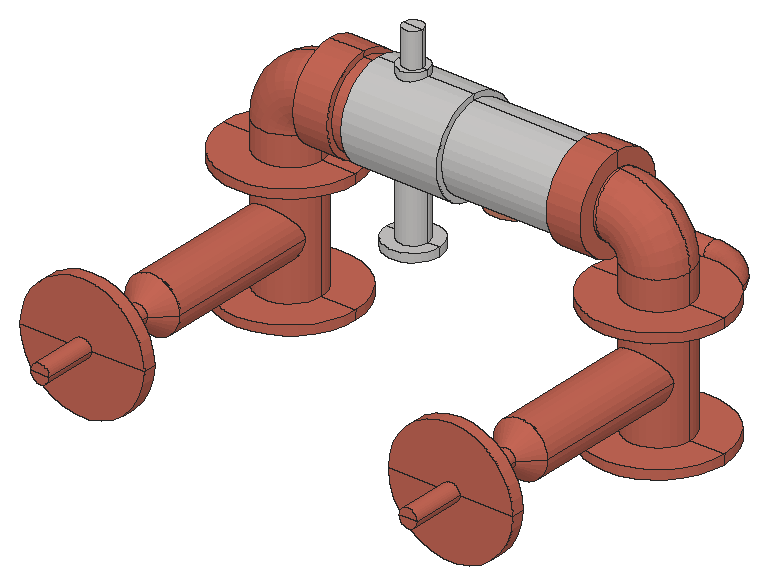
Revit family "xReduced_Pressure_Zone_Assemblies-Backflow_Prevention-WATTS-957NRPDA_Series", category Pipe Accessories, Revit 2014
Parameters (values of type "957NRPDA-OSY - 3"")
  Width = 30 1/4"
  Waste Connection = no
  Warranty Information = "1 Year (Limited)"
  Vent Connection = no
  URL = "http://www.watts.com/"
  Shipping Weight = 175.00 lbf
  Region = "North America"  # constant formula
  RV_Dist = 6 11/16"
  Product Page URL = "http://www.watts.com/pages/_products_details.asp?pid=894"
  Product Documentation Link = "http://media.wattswater.com/ES-957RPDA_957NRPDA_957ZRPDA.pdf"
  Price = "Prices may vary. Please consult Manufacturer Representative for most up-to-date price list."  # constant formula
  Pipe Thickness = Nominal Radius + 13/32"  # 1 29/32"
  Nominal Radius 2 = 2 1/2"
  Nominal Radius = 1 1/2"
  Nominal Radius 3 = 3/4"
  Nominal Height = 6 11/16"
  Nominal Dist = 7 1/4"
  Model = "957NRPDA"  # constant formula
  Max. Working Pressure = "175psi (12.1 bar)\r"  # constant formula
  Material = "Metal-WATTS-304 Series-Stainless Steel"  # constant formula
  Manufacturer = "WATTS"
  Height = 17 1/8"
  HW Connection = yes
  GV_Inlet_To_GV_Outlet = 22 1/4"
  GV_Handle_Rad = 3 3/4"
  GV_Handle_Height = 18 7/8"
  GV_Arc_Connection = Nominal Radius + 3/4"  # 2 1/4"
  Flange = 8"
  Description = "Series 957RPDA, 957NRPDDA, 957ZRPDA Reduced Pressure Detector Assemblies prevent the reverse flow of fire protection system substances from being pumped or siphoned into the potable water supply.  The 957RPDA incorporates a meter to detect ground leaks and unauthorized illegal taps, greatly reducing annual water expenses.  It consists of a compact, stainless steel body with stainless steel internal parts, two check valves, a pressure-differential relief valve, shutoff valves, torsion spring checks and relief valve, and bronze, nickel-plated test cocks.  Series 957RPDA, 957NRPDDA, 957ZRPDA is 70% lighter than traditional designs and is ideal for health hazard cross-connection, such as on fire sprinkler systems.  Check with local water authorities for installation requirements.  Maximum Working Pressure: 175psi (12.06 bar)."  # constant formula
  Creation Date = "14/02/2014"  # constant formula
  Country = "United States"  # constant formula
  Connection Type = "Flanged Connection"  # constant formula
  Connection Size = Connection Radius * 2  # 3"
  Connection Radius = 1 1/2"
  Connection Outlet Description = "3\" Connection Outlet"
  Connection Inlet Description = "3\" Connection Inlet"
  CW Connection = yes
  BP_Dist = 9 3/16"
  Assembly Code = ""
Types (6): name | Width | Shipping Weight | RV_Dist | Pipe Thickness | Nominal Radius | Nominal Radius 3 | Nominal Height | Nominal Dist | Height | GV_Inlet_To_GV_Outlet | GV_Handle_Rad | GV_Handle_Height | GV_Arc_Connection | Connection Size | Connection Radius | Connection Outlet Description | Connection Inlet Description | BP_Dist
  957NRPDA-OSY - 2.5" | 29 1/16" | 150.00 lbf | 6 1/2" | 1 21/32" | 1 1/4" | 0.84094" | 6 1/2" | 6 1/4" | 16 3/8" | 21 1/2" | 3 17/32" | 9 3/8" | 2" | 2 1/2" | 1 1/4" | "2.5\" Connection Outlet" | "2.5\" Connection Inlet" | 8 13/16"
  957NRPDA-OSY - 10" | 66" | 964.00 lbf | 11 3/16" | 5 13/32" | 5" | 3/4" | 11 3/16" | 12" | 32 1/2" | 49 1/2" | 8" | 45 3/4" | 5 3/4" | 10" | 5" | "10\" Connection Outlet" | "10\" Connection Inlet" | 17 5/16"
  957NRPDA-OSY - 3" | 30 1/4" | 175.00 lbf | 6 11/16" | 1 29/32" | 1 1/2" | 3/4" | 6 11/16" | 7 1/4" | 17 1/8" | 22 1/4" | 3 3/4" | 18 7/8" | 2 1/4" | 3" | 1 1/2" | "3\" Connection Outlet" | "3\" Connection Inlet" | 9 3/16"
  957NRPDA-OSY - 4" | 33" | 201.00 lbf | 7" | 2 13/32" | 2" | 3/4" | 7" | 7 7/8" | 18 1/2" | 23 1/2" | 4 1/2" | 22 3/4" | 2 3/4" | 4" | 2" | "4\" Connection Outlet" | "4\" Connection Inlet" | 9 15/16"
  957NRPDA-OSY - 6" | 44 3/4" | 353.00 lbf | 8 1/2" | 3 13/32" | 3" | 3/4" | 8 1/2" | 9 1/2" | 23 13/16" | 33 1/4" | 5 1/2" | 30 1/8" | 3 3/4" | 6" | 3" | "6\" Connection Outlet" | "6\" Connection Inlet" | 13 1/16"
  957NRPDA-OSY - 8" | 54 1/8" | 572.00 lbf | 9 11/16" | 4 13/32" | 4" | 3/4" | 9 11/16" | 10 3/4" | 27 7/16" | 40 1/8" | 6 3/4" | 37 3/4" | 4 3/4" | 8" | 4" | "8\" Connection Outlet" | "8\" Connection Inlet" | 15 11/16"
Reference planes
  plane 1 "Center (Front/Back)": y = 0
  plane 2: z = 0
  plane 3 "Center (Left/Right)": x = 0
  plane 4: x = -282.575
  plane 5: x = 282.575
  plane 6: x = -384.175
  plane 7: x = 384.175
  plane 8: x = -320.675
  plane 9: x = -194.691
  plane 10: x = 194.691
  plane 11: z = -302.371
  plane 12: z = -201.565
  plane 13: x = 320.675
  plane 14: z = -100.759
  plane 15: z = 132.604
  plane 16: x = -223.901
  plane 17: x = -171.831
  plane 18: x = -149.733
  plane 19: x = 223.901
  plane 20: x = 171.831
  plane 21: z = -1128.787
  plane 22: z = -1103.514
  plane 23: z = -1095.005
  plane 24: z = 63.373
  plane 25: z = 71.882
  plane 26: z = 38.1
  plane 27: x = -234.156
  plane 28: x = 234.156
  plane 29: y = -479.425
  plane 30: y = -398.145
  plane 31: y = -379.095
  plane 32: y = -258.445
  plane 33: y = -291.465
  plane 34: x = 377.825
  plane 35: y = -479.425
  plane 36: y = -398.145
  plane 37: y = -379.095
  plane 38: y = -258.445
  plane 39: y = -291.465
  plane 40: x = -377.825
  plane 41: y = 133.35
  plane 42: z = -169.863
  plane 43: y = 63.373
  plane 44: y = 71.882
  plane 45: y = 281.178
  plane 46: y = 255.778
  plane 47: x = -207.391
  plane 48: x = -181.991
  plane 49: x = 207.391
  plane 50: x = 181.991
  plane 51: y = 48.419
  plane 52: y = -48.419
  plane 53: y = -63.373
  plane 54: y = -71.882
  plane 55: z = 12.7
  plane 56: z = -12.7
  plane 57: y = 95.25
  plane 58: y = -95.25
  plane 59: z = 71.882
  plane 60: z = 63.373
  plane 61: z = 48.419
  plane 62: z = -48.419
  plane 63: z = -71.882
  plane 64: z = -63.373
  plane 65: x = 330.994
  plane 66: x = -330.994
  plane 67: y = 82.55
  plane 68: y = 184.15
  plane 69: x = -187.325
  plane 70: x = 187.325
  plane 71: x = -324.644
  plane 72: x = -240.506
  plane 73: x = 324.644
  plane 74: x = 240.506
  plane 75: x = -279.4
  plane 76: x = 0
  plane 77: x = 139.7
  plane 78: x = 279.4
  plane 79: x = -93.662
  plane 80: z = -135.311
  plane 81: z = -152.587
  plane 82: z = -135.311
  plane 83: z = -152.587
Forms (mm)
  Revolve 1, solid, material "Metal-WATTS-Bronze Nickel Plated"
    sketch origin (-399.796, 0, 0) x (1, 0, 0) y (0, 0, 1)
      loop
        line (179.07, 0) -> (620.522, 0) -> (620.522, 71.882) -> (568.452, 71.882) -> (568.452, 63.373) -> (399.796, 63.373) -> (399.796, 71.882) -> (253.238, 71.882) -> (253.238, 63.373) -> (231.14, 63.373) -> (231.14, 71.882) -> (179.07, 71.882) -> (179.07, 0)
      axis (179.07, 0) -> (620.522, 0)
    angle from 0 to 360
  Sweep 2, solid, material "Metal-WATTS-Bronze Nickel Plated"
    path origin (0, 0, 0) x (1, 0, 0) y (0, 0, 1)
      loop
        line (-282.575, -288.381) -> (-282.575, -57.15)
        arc (-282.575, -57.15) -> (-265.836, -16.739) -> (-225.425, 0) r 57.15
        line (-225.425, 0) -> (-146.558, 0)
    profile origin (-282.575, 0, -172.766) x (-1, 0, 0) y (0, -1, 0)
      loop
        circle (0, 0) r 48.419
  Revolve 3, solid, material "Metal-WATTS-Bronze Nickel Plated"
    sketch origin (558.8, 0, -201.565) x (1, 0, 0) y (0, 1, 0)
      loop
        line (-276.225, 0) -> (-276.225, -479.425) -> (-262.255, -479.425) -> (-262.255, -398.145) -> (-180.975, -398.145) -> (-180.975, -379.095) -> (-262.255, -379.095) -> (-262.255, -291.465) -> (-234.156, -263.366) -> (-234.156, 0) -> (-276.225, 0)
      axis (-276.225, -479.425) -> (-276.225, 0)
    angle from 0 to 360
  Revolve 4, solid, material "Metal-WATTS-Bronze Nickel Plated"
    sketch origin (-558.8, 0, -201.565) x (-1, 0, 0) y (0, -1, 0)
      loop
        line (-276.225, 0) -> (-234.156, 0) -> (-234.156, 263.366) -> (-262.255, 291.465) -> (-262.255, 379.095) -> (-180.975, 379.095) -> (-180.975, 398.145) -> (-262.255, 398.145) -> (-262.255, 479.425) -> (-276.225, 479.425) -> (-276.225, 0)
      axis (-276.225, 479.425) -> (-276.225, 0)
    angle from 0 to 360
  Revolve 5, solid, material "Metal-WATTS-Bronze Nickel Plated"
    sketch origin (0, 0, 0) x (-1, 0, 0) y (0, 0, -1)
      loop
        line (-320.675, 302.371) -> (-384.175, 302.371) -> (-384.175, 288.381) -> (-320.675, 288.381) -> (-320.675, 302.371)
      loop
        line (-320.675, 114.748) -> (-384.175, 114.748) -> (-384.175, 100.759) -> (-320.675, 100.759) -> (-320.675, 114.748)
      axis (-282.575, 100.759) -> (-282.575, 302.371)
    angle from 0 to 360
  Sweep 6, solid, material "Metal-WATTS-Bronze Nickel Plated"
    path origin (0, 0, 0) x (-1, 0, 0) y (0, 0, 1)
      loop
        line (-282.575, -288.381) -> (-282.575, -57.15)
        arc (-282.575, -57.15) -> (-265.836, -16.739) -> (-225.425, 0) r 57.15
        line (-225.425, 0) -> (0, 0)
    profile origin (282.575, 0, -172.766) x (-1, 0, 0) y (0, -1, 0)
      loop
        circle (0, 0) r 48.419
      loop
        circle (0, 0) r 38.1
  Revolve 7, solid, material "Metal-WATTS-304 Series-Stainless Steel"
    sketch origin (388.417, 0, 0) x (-1, 0, 0) y (0, 0, 1)
      loop
        line (467.347, 132.604) -> (467.347, 80.518) -> (459.727, 80.518) -> (459.727, -157.162) -> (441.24, -157.162) -> (441.24, -169.862) -> (482.079, -169.862) -> (482.079, 132.604) -> (467.347, 132.604)
      axis (482.079, 132.604) -> (482.079, -169.862)
    angle from 0 to 360
  Revolve 8, solid, material "Metal-WATTS-Bronze Nickel Plated"
    sketch origin (0, 0, 0) x (1, 0, 0) y (0, 0, 1)
      loop
        line (-320.675, -302.371) -> (-320.675, -288.381) -> (-384.175, -288.381) -> (-384.175, -302.371) -> (-320.675, -302.371)
      loop
        line (-320.675, -114.748) -> (-320.675, -100.759) -> (-384.175, -100.759) -> (-384.175, -114.748) -> (-320.675, -114.748)
      axis (-282.575, -100.759) -> (-282.575, -302.371)
    angle from 0 to 360
  Sweep 9, solid, material "Metal-WATTS-Bronze Nickel Plated"
    path origin (0, 0, 0) x (1, 0, 0) y (0, 1, 0)
      loop
        line (282.575, 0) -> (282.575, 120.65)
        arc (282.575, 120.65) -> (263.976, 165.551) -> (219.075, 184.15) r 63.5
        line (219.075, 184.15) -> (-219.075, 184.15)
        arc (-219.075, 184.15) -> (-263.976, 165.551) -> (-282.575, 120.65) r 63.5
        line (-282.575, 120.65) -> (-282.575, 0)
    profile origin (-282.575, 60.325, 0) x (1, 0, 0) y (0, 0, 1)
      loop
        circle (0, -152.587) r 19.05
Lines and regions (mm)
  Masking region 1, detail levels fine
    outline origin (0, 0, 0) x (1, 0, 0) y (0, 1, 0)
      loop
        line (-240.506, -379.095) -> (-240.506, -92.481)
        arc (-240.506, -92.481) -> (-224.715, -83.515) -> (-210.773, -71.882) r 101.6
        line (-210.773, -71.882) -> (0, -71.882) -> (0, -63.373) -> (203.162, -63.373)
        arc (203.162, -63.373) -> (220.115, -80.133) -> (240.506, -92.481) r 101.6
        line (240.506, -92.481) -> (240.506, -379.095) -> (187.325, -379.095) -> (187.325, -398.145) -> (268.288, -398.145) -> (268.288, -479.425) -> (296.545, -479.425) -> (296.545, -398.145) -> (384.175, -398.145) -> (384.175, -379.095) -> (330.994, -379.095) -> (330.994, -89.321)
        arc (330.994, -89.321) -> (382.972, 15.591) -> (301.625, 99.798) r 101.6
        line (301.625, 99.798) -> (301.625, 184.15)
        arc (301.625, 184.15) -> (296.045, 197.62) -> (282.575, 203.2) r 19.05
        line (282.575, 203.2) -> (-282.575, 203.2)
        arc (-282.575, 203.2) -> (-296.045, 197.62) -> (-301.625, 184.15) r 19.05
        line (-301.625, 184.15) -> (-301.625, 99.798)
        arc (-301.625, 99.798) -> (-382.972, 15.591) -> (-330.994, -89.321) r 101.6
        line (-330.994, -89.321) -> (-330.994, -379.095) -> (-384.175, -379.095) -> (-384.175, -398.145) -> (-296.545, -398.145) -> (-296.545, -479.425) -> (-268.287, -479.425) -> (-268.287, -398.145) -> (-187.325, -398.145) -> (-187.325, -379.095) -> (-240.506, -379.095)
      loop
        line (-210.773, 71.882) -> (0, 71.882) -> (0, 63.373) -> (203.162, 63.373)
        arc (203.162, 63.373) -> (230.083, 86.989) -> (263.525, 99.798) r 101.6
        line (263.525, 99.798) -> (263.525, 146.05)
        arc (263.525, 146.05) -> (257.945, 159.52) -> (244.475, 165.1) r 19.05
        line (244.475, 165.1) -> (-244.475, 165.1)
        arc (-244.475, 165.1) -> (-257.945, 159.52) -> (-263.525, 146.05) r 19.05
        line (-263.525, 146.05) -> (-263.525, 99.798)
        arc (-263.525, 99.798) -> (-235.053, 89.801) -> (-210.773, 71.882) r 101.6
  Masking region 2, detail levels fine
    outline origin (0, 0, 0) x (1, 0, 0) y (0, 0, 1)
      loop
        line (-384.175, -302.371) -> (-180.975, -302.371) -> (-180.975, -288.381) -> (-234.156, -288.381) -> (-234.156, -114.748) -> (-180.975, -114.748) -> (-180.975, -100.759) -> (-234.156, -100.759) -> (-234.156, -48.419) -> (-220.726, -48.419) -> (-220.726, -71.882) -> (0, -71.882) -> (0, -63.373) -> (168.656, -63.373) -> (168.656, -71.882) -> (220.726, -71.882) -> (220.726, -48.419) -> (234.156, -48.419) -> (234.156, -100.759) -> (180.975, -100.759) -> (180.975, -114.748) -> (234.156, -114.748) -> (234.156, -288.381) -> (180.975, -288.381) -> (180.975, -302.371) -> (384.175, -302.371) -> (384.175, -288.381) -> (330.994, -288.381) -> (330.994, -114.748) -> (384.175, -114.748) -> (384.175, -100.759) -> (330.994, -100.759) -> (330.994, -15.081)
        arc (330.994, -15.081) -> (312.395, 29.82) -> (267.494, 48.419) r 63.5
        line (267.494, 48.419) -> (220.726, 48.419) -> (220.726, 71.882) -> (168.656, 71.882) -> (168.656, 63.373) -> (0, 63.373) -> (0, 71.882) -> (-220.726, 71.882) -> (-220.726, 48.419) -> (-267.494, 48.419)
        arc (-267.494, 48.419) -> (-312.395, 29.82) -> (-330.994, -15.081) r 63.5
        line (-330.994, -15.081) -> (-330.994, -100.759) -> (-384.175, -100.759) -> (-384.175, -114.748) -> (-330.994, -114.748) -> (-330.994, -288.381) -> (-384.175, -288.381) -> (-384.175, -302.371)
  Masking region 3, detail levels fine
    outline origin (0, 0, 0) x (1, 0, 0) y (0, 0, 1)
      loop
        circle (-282.575, -201.565) r 95.25
      loop
        circle (282.575, -201.565) r 95.25
  Masking region 4, detail levels fine
    outline origin (0, 0, 0) x (1, 0, 0) y (0, 0, 1)
      loop
        line (-282.575, -171.637) -> (282.575, -171.637)
        arc (282.575, -171.637) -> (301.625, -152.587) -> (282.575, -133.537) r 19.05
        line (282.575, -133.537) -> (-282.575, -133.537)
        arc (-282.575, -133.537) -> (-301.625, -152.587) -> (-282.575, -171.637) r 19.05
  reference lines
    curve 1: circle (-282.575, 0, -201.565) r 42.069 normal (0, -1, 0)
  symbolic lines, detail levels fine
    curve 2: arc (-240.506, -92.481, 0) -> (-340.435, 83.515, 0) -> (-210.773, -71.882, 0) r 101.6
    curve 3: circle (282.575, 0, 0) r 101.6 normal (0, 0, 1)
    curve 14: line (-220.726, 0, 48.419) -> (-220.726, 0, -48.419)
    curve 15: line (0, 0, 63.373) -> (0, 0, -63.373)
    curve 16: line (168.656, 0, 63.373) -> (168.656, 0, -63.373)
    curve 17: line (220.726, 0, 48.419) -> (220.726, 0, -48.419)
    curve 18: circle (-282.575, 0, -201.565) r 13.97 normal (0, -1, 0)
    curve 19: circle (282.575, 0, -201.565) r 13.97 normal (0, 1, 0)
  symbolic lines, style "PipeAccessory", detail levels fine
    curve 4: circle (-282.575, 0, 0) r 38.1 normal (0, 0, 1)
    curve 5: circle (-93.662, 0, 0) r 14.732 normal (0, 0, 1)
    curve 6: circle (-93.662, 0, 0) r 22.352 normal (0, 0, 1)
    curve 7: circle (282.575, 0, 0) r 38.1 normal (0, 0, 1)
    curve 8: line (-208.026, 71.882, 0) -> (-181.356, 71.882, 0)
    curve 9: line (0, 63.373, 0) -> (0, -63.373, 0)
    curve 10: line (296.545, -398.145, 0) -> (268.605, -398.145, 0)
    curve 11: line (330.994, -379.095, 0) -> (240.506, -379.095, 0)
    curve 12: line (-296.545, -398.145, 0) -> (-268.605, -398.145, 0)
    curve 13: line (-324.644, -379.095, 0) -> (-240.506, -379.095, 0)
  model lines, detail levels coarse+medium
    curve 20: line (-282.575, 0, 0) -> (-282.575, 0, -302.371)
    curve 21: line (-282.575, 0, 0) -> (-269.875, 0, 0)
    curve 22: line (282.575, 0, -302.371) -> (282.575, 0, 0)
    curve 23: line (282.575, 0, 0) -> (269.875, 0, 0)
Dimensions and locks
  "GV_Inlet_To_GV_Outlet": plane 5 to plane 4
  equal spacing: plane 5, plane 3 "Center (Left/Right)", plane 4
  "Width": plane 7 to plane 6
  equal spacing: plane 7, plane 3 "Center (Left/Right)", plane 6
  "BP_Dist": plane 15 to plane 14
  "Height": plane 15 to plane 11
  "Nominal Radius": plane 8 to plane 4
  "Nominal Radius": plane 13 to plane 5
  locked: plane 16 to plane 17 at 52.07
  locked: plane 17 to plane 18 at 22.098
  locked: plane 19 to plane 20 at 52.07
  plane 23 to plane 22 to plane 21 = 0.335" locked, 0.995" locked
  locked: plane 9 to Revolve 1 sketch curve at 26.035  (x2)
  locked: Revolve 1 sketch curve to plane 10 at 26.035  (x2)
  locked: plane 25 to plane 24 at 8.509
  "Nominal Radius": plane 26 to plane 2
  locked: plane 24 to plane 26 at 25.273
  "Pipe Thickness": plane 4 to plane 27
  locked: plane 27 to plane 9 at 39.465
  "Pipe Thickness": plane 28 to plane 5
  locked: plane 10 to plane 28 at 39.465
  equal spacing: plane 14, plane 12, plane 11
  plane 29 to plane 30 to plane 31 to plane 33 to plane 32 = 3.2" locked, 3/4" locked, 3.45" locked, 1.3" locked
  locked: Revolve 3 sketch curve to Revolve 3 sketch curve at 42.069
  "GV_Handle_Rad": plane 34 to plane 5
  "GV_Handle_Height": plane 29 to plane 1 "Center (Front/Back)"
  plane 38 to plane 39 to plane 37 to plane 36 to plane 35 = 1.3" locked, 3.45" locked, 3/4" locked, 3.2" locked
  locked: Revolve 4 sketch curve to Revolve 4 sketch curve at 42.069
  "GV_Handle_Height": plane 35 to plane 1 "Center (Front/Back)"
  "GV_Handle_Rad": plane 40 to plane 4
  locked: plane 15 to Revolve 7 sketch curve at 52.086
  plane 25 to plane 15 = 2 25/64"
  "RV_Dist": plane 2 to plane 42
  plane 50 to plane 49 to plane 28 = 1" locked, 1.05375" locked
  plane 27 to plane 47 to plane 48 = 1.05375" locked, 1" locked
  "Pipe Thickness": plane 1 "Center (Front/Back)" to plane 51
  "Pipe Thickness": plane 52 to plane 1 "Center (Front/Back)"
  plane 51 to plane 43 to plane 44 = 0.58875" locked, 0.335" locked
  plane 52 to plane 53 to plane 54 = 0.58875" locked, 0.335" locked
  "GV_Handle_Rad": plane 57 to plane 1 "Center (Front/Back)"
  "GV_Handle_Rad": plane 1 "Center (Front/Back)" to plane 58
  "Pipe Thickness": plane 61 to plane 2
  plane 59 to plane 60 to plane 61 = 0.335" locked, 0.58875" locked
  "Pipe Thickness": plane 2 to plane 62
  plane 62 to plane 64 to plane 63 = 0.58875" locked, 0.335" locked
  locked: plane 66 to plane 8 at 10.319
  locked: plane 65 to plane 13 at 10.319
  plane 68 to plane 41 to plane 67 = 2" locked, 2" locked
  "GV_Handle_Rad": plane 69 to plane 4
  "GV_Handle_Rad": plane 5 to plane 70
  locked: plane 71 to plane 4 at 42.069
  locked: plane 71 to plane 72 at 84.137
  locked: plane 5 to plane 73 at 42.069
  locked: plane 74 to plane 73 at 84.137
  locked: plane 76 to plane 77 at 139.7
  locked: plane 77 to plane 78 at 139.7
  plane 77 to plane 78 = 5 1/2"
  locked: Revolve 7 sketch curve to plane 79 at 14.732
  locked: Revolve 7 sketch curve to Revolve 7 sketch curve at 7.62
  locked: Revolve 1 sketch curve to Revolve 1 sketch curve at 22.098
  equal spacing: plane 69, plane 79, plane 76
  locked: Masking region 1 sketch curve to plane 4 at 13.97
  locked: plane 4 to Masking region 1 sketch curve at 14.288
  locked: plane 5 to Masking region 1 sketch curve at 13.97
  locked: Masking region 1 sketch curve to plane 5 at 14.288
  equal spacing: Masking region 2 sketch curve, plane 4, Masking region 2 sketch curve
  equal spacing: Masking region 2 sketch curve, plane 5, Masking region 2 sketch curve
  locked: Revolve 8 sketch curve to plane 11 at 13.99
  locked: plane 14 to Revolve 8 sketch curve at 13.99
  locked: plane 14 to Revolve 5 sketch curve at 13.99
  locked: Revolve 5 sketch curve to plane 11 at 13.99
  equal spacing: plane 14, plane 80, plane 42
  equal spacing: plane 80, plane 81, plane 42
  equal spacing: plane 14, plane 82, plane 42
  equal spacing: plane 82, plane 83, plane 42
  "Nominal Dist": plane 1 "Center (Front/Back)" to plane 68
  "Nominal Radius 3": Masking region 1 sketch curve to plane 4
  "Nominal Radius 3": plane 4 to Masking region 1 sketch curve
  "Nominal Radius 3": Masking region 1 sketch curve to nested 3
  "Nominal Radius 3": Masking region 1 sketch curve to plane 68
  "Nominal Radius 3": Masking region 1 sketch curve to plane 5
  "Nominal Radius 3": plane 5 to Masking region 1 sketch curve
  locked: Revolve 7 sketch curve to plane 79 at 40.84
  locked: Revolve 7 sketch curve to Revolve 7 sketch curve at 12.7
  "Nominal Height": plane 2 to Revolve 7 sketch curve
  equal spacing: Masking region 1 sketch curve, plane 1 "Center (Front/Back)", Masking region 1 sketch curve
  "Pipe Thickness": radius of Sweep 2 sketch curve
  "GV_Arc_Connection": radius of Sweep 2 sketch curve
  "Pipe Thickness": radius of Sweep 6 sketch curve
  "GV_Arc_Connection": radius of Sweep 6 sketch curve
  "Nominal Radius": radius of Sweep 6 sketch curve
  "Nominal Radius 2": radius of Masking region 2 sketch curve  (x2)
  "Nominal Radius 2": radius of Sweep 9 sketch curve  (x2)
  "Nominal Radius 3": radius of Sweep 9 sketch curve
  "Nominal Radius 3": radius of Masking region 1 sketch curve  (x4)
  aligned and locked: plane 2 to Revolve 1 sketch curve
  aligned and locked: level to plane 2
  aligned and locked: Revolve 1 sketch curve to plane 24  (x2)
  aligned and locked: plane 25 to Revolve 1 sketch curve
  aligned and locked: Revolve 1 sketch curve to plane 25
  aligned and locked: plane 4 to Sweep 2 sketch curve
  aligned and locked: Sweep 2 sketch curve to plane 2
  aligned and locked: plane 12 to curve 1
  aligned and locked: plane 4 to curve 1
  aligned and locked: Revolve 3 sketch curve to plane 29
  aligned and locked: Revolve 3 sketch curve to plane 34
  aligned and locked: Revolve 3 sketch curve to plane 5  (x2)
  aligned and locked: plane 33 to Revolve 3 sketch curve
  aligned and locked: Revolve 3 sketch curve to plane 31
  aligned and locked: plane 30 to Revolve 3 sketch curve
  aligned and locked: plane 12 to Revolve 3  (x4)
  aligned and locked: plane 35 to Revolve 4 sketch curve
  aligned and locked: Revolve 4 sketch curve to plane 40
  aligned and locked: Revolve 4 sketch curve to plane 4  (x2)
  aligned and locked: plane 1 "Center (Front/Back)" to Revolve 4 sketch curve
  aligned and locked: Revolve 3 sketch curve to plane 1 "Center (Front/Back)"
  aligned and locked: plane 12 to Revolve 4  (x2)
  aligned and locked: plane 14 to Revolve 5
  aligned and locked: plane 11 to Revolve 5
  aligned and locked: level to Sweep 6 sketch curve
  aligned and locked: plane 5 to Sweep 6 sketch curve
  aligned and locked: Revolve 5 to Sweep 6 sketch curve
  aligned and locked: plane 15 to Revolve 7 sketch curve
  aligned and locked: Sweep 2 to Revolve 1
  aligned and locked: Revolve 1 to Sweep 6
  aligned: Revolve 7 to plane 42  (x3)
  aligned and locked: Revolve 7 to Revolve 7
  aligned and locked: Revolve 5 to Revolve 5
  aligned and locked: Revolve 8 to Revolve 8
  aligned and locked: Masking region 1 sketch curve to Revolve 4  (x4)
  aligned and locked: Revolve 4 to Masking region 1 sketch curve
  aligned and locked: Masking region 1 sketch curve to Masking region 1 sketch curve  (x6)
  aligned and locked: Masking region 1 sketch curve to Revolve 8  (x3)
  aligned and locked: Masking region 1 sketch curve to Revolve 5  (x3)
  aligned and locked: curve 6 to Revolve 7
  aligned and locked: curve 5 to Revolve 7
  aligned and locked: curve 4 to Revolve 8
  aligned and locked: curve 7 to Revolve 5
  aligned and locked: Revolve 4 to curve 13  (x2)
  aligned and locked: Revolve 4 to curve 12  (x2)
  aligned and locked: Revolve 3 to Revolve 3
  aligned and locked: curve 2 to Revolve 8
  aligned and locked: curve 3 to Revolve 5
  aligned and locked: Revolve 1 to Revolve 1
  aligned and locked: Sweep 6 to Revolve 1
  aligned and locked: plane 3 "Center (Left/Right)" to plane 76
  aligned and locked: Revolve 7 sketch curve to plane 79
  aligned and locked: Revolve 1 sketch curve to plane 3 "Center (Left/Right)"
  aligned and locked: plane 71 to curve 13
  aligned and locked: plane 72 to curve 13
  aligned and locked: plane 74 to curve 11
  aligned and locked: Masking region 1 sketch curve to plane 72
  aligned and locked: plane 74 to Masking region 1 sketch curve
  aligned and locked: plane 62 to Masking region 2 sketch curve  (x2)
  aligned and locked: Masking region 2 sketch curve to plane 14  (x2)
  aligned and locked: plane 6 to Masking region 2 sketch curve
  aligned and locked: Masking region 2 sketch curve to Masking region 2 sketch curve  (x6)
  aligned and locked: Masking region 2 sketch curve to plane 61
  aligned and locked: Masking region 2 sketch curve to plane 59  (x2)
  aligned and locked: Masking region 2 sketch curve to plane 3 "Center (Left/Right)"  (x2)
  aligned and locked: Masking region 2 sketch curve to plane 60
  aligned and locked: plane 61 to Masking region 2 sketch curve
  aligned and locked: plane 65 to Masking region 2 sketch curve
  aligned and locked: plane 7 to Masking region 2 sketch curve
  aligned and locked: Masking region 2 sketch curve to Revolve 5
  aligned and locked: Revolve 5 to Masking region 2 sketch curve  (x2)
  aligned and locked: plane 63 to Masking region 2 sketch curve
  aligned and locked: Masking region 2 sketch curve to plane 63
  aligned and locked: Masking region 2 sketch curve to plane 64
  aligned and locked: plane 66 to Masking region 2 sketch curve
  aligned and locked: Masking region 2 sketch curve to plane 27  (x2)
  aligned and locked: plane 28 to Masking region 2 sketch curve  (x2)
  aligned and locked: curve 14 to Masking region 2
  aligned and locked: Masking region 2 to curve 14
  aligned and locked: Masking region 2 to curve 15
  aligned and locked: curve 15 to Masking region 2
  aligned and locked: Masking region 2 to curve 16  (x2)
  aligned and locked: Masking region 2 to curve 17
  aligned and locked: curve 17 to Masking region 2
  aligned and locked: Masking region 2 sketch curve to plane 66
  aligned and locked: Masking region 2 sketch curve to plane 65
  aligned and locked: Masking region 3 sketch curve to Revolve 4
  aligned and locked: Masking region 3 sketch curve to Revolve 3
  aligned and locked: curve 18 to Revolve 4
  aligned and locked: curve 19 to Revolve 3
  aligned and locked: plane 3 "Center (Left/Right)" to nested 1
  aligned and locked: plane 1 "Center (Front/Back)" to nested 1
  aligned and locked: plane 1 "Center (Front/Back)" to nested 2
  aligned and locked: plane 76 to nested 2
  aligned and locked: plane 11 to Revolve 8 sketch curve
  aligned and locked: plane 14 to Revolve 5 sketch curve
  aligned and locked: Revolve 8 sketch curve to plane 14
  aligned and locked: plane 11 to curve 22
  aligned and locked: plane 2 to curve 23
  aligned and locked: curve 21 to plane 2
  aligned and locked: plane 11 to curve 20
  aligned and locked: nested 2 to curve 21
  aligned and locked: nested 2 to curve 23
  aligned and locked: curve 20 to plane 4
  aligned and locked: plane 5 to curve 22
  aligned and locked: Sweep 9 sketch curve to plane 4
  aligned and locked: Sweep 9 sketch curve to plane 5
  aligned and locked: plane 68 to Sweep 9 sketch curve
  aligned and locked: plane 1 "Center (Front/Back)" to Sweep 9 sketch curve  (x2)
  aligned and locked: plane 4 to Sweep 9 sketch curve
  aligned and locked: plane 81 to Sweep 9 sketch curve
  aligned and locked: nested 3 to plane 68
  aligned and locked: plane 83 to nested 3
  aligned and locked: nested 3 to plane 48
  aligned and locked: Masking region 4 sketch curve to Sweep 9  (x2)
  aligned and locked: Revolve 4 to Revolve 3  (x2)
Automatic sketch dimensions
  plane 29 to Revolve 3 sketch curve = 0"
  plane 5 to Revolve 3 sketch curve = 0.55"  (x2)
  plane 32 to Revolve 3 sketch curve = 0.19375"
  Revolve 3 sketch curve to Revolve 3 sketch curve = 1 1/8"
  plane 36 to Revolve 4 sketch curve = 0"
  Revolve 4 sketch curve to plane 39 = 0"
  Revolve 4 sketch curve to plane 37 = 0"
  plane 35 to Revolve 4 sketch curve = 0"
  Revolve 4 sketch curve to plane 4 = 0.55"  (x2)
  Revolve 4 sketch curve to plane 1 "Center (Front/Back)" = 1 1/8"
  plane 38 to Revolve 4 sketch curve = 0.19375"
  plane 11 to Sweep 2 sketch curve = 141/256"
  plane 1 "Center (Front/Back)" to Sweep 2 sketch curve = 0"
  Sweep 2 sketch curve to profile plane = 0"
  Sweep 6 sketch curve to Sweep 6 sketch curve = 0"  (x2)
  plane 1 "Center (Front/Back)" to Sweep 6 sketch curve = 0"
  Sweep 6 sketch curve to profile plane = 0"
  Revolve 1 sketch curve to level = 0"
  Revolve 1 sketch curve to plane 25 = 0"
  Revolve 1 sketch curve to plane 16 = 0.01"
  Revolve 1 sketch curve to plane 77 = 2"
  plane 7 to Revolve 5 sketch curve = 0"  (x2)
  Revolve 5 sketch curve to plane 13 = 0"  (x2)
  plane 5 to Revolve 5 sketch curve = 0"
  Revolve 5 sketch curve to plane 12 = 0"
  Revolve 5 sketch curve to plane 11 = 0"
  Revolve 5 sketch curve to Revolve 5 sketch curve = 1 211/256"
  Revolve 8 sketch curve to plane 6 = 0"  (x2)
  plane 8 to Revolve 8 sketch curve = 0"  (x2)
  plane 4 to Revolve 8 sketch curve = 0"
  Revolve 8 sketch curve to plane 12 = 0"
  Revolve 8 sketch curve to plane 11 = 1 211/256"
  Sweep 2 sketch curve to plane 48 = 1.395"
  Sweep 6 sketch curve to plane 3 "Center (Left/Right)" = 0"
  curve 15 to plane 3 "Center (Left/Right)" = 0"
  curve 14 to plane 47 = 0.525"
  curve 16 to plane 50 = 0.525"
  curve 17 to plane 49 = 0.525"
  curve 2 to plane 72 = 0"
  curve 9 to plane 3 "Center (Left/Right)" = 0"
  curve 12 to plane 4 = 0.55"
  plane 4 to curve 12 = 0.55"
  curve 8 to plane 47 = 0.025"
  curve 8 to plane 69 = 0.235"
  curve 10 to plane 5 = 0.55"
  plane 5 to curve 10 = 0.55"
  Revolve 7 sketch curve to plane 79 = 0"
  plane 59 to Revolve 7 sketch curve = 0.39"
  plane 15 to Revolve 7 sketch curve = 0.99937"
  Masking region 1 sketch curve to plane 6 = 0"
  Masking region 1 sketch curve to plane 66 = 0"
  plane 44 to Masking region 1 sketch curve = 0"
  Masking region 1 sketch curve to plane 69 = 0"
  Masking region 1 sketch curve to plane 3 "Center (Left/Right)" = 0"  (x2)
  Masking region 1 sketch curve to plane 70 = 0"
  plane 43 to Masking region 1 sketch curve = 0"
  Masking region 1 sketch curve to plane 53 = 0"
  Masking region 1 sketch curve to plane 65 = 0"
  Masking region 1 sketch curve to plane 7 = 0"
  Masking region 2 sketch curve to plane 6 = 0"
  Masking region 2 sketch curve to plane 11 = 0"  (x2)
  plane 7 to Masking region 2 sketch curve = 0"
  Masking region 2 sketch curve to plane 14 = 0"
  Masking region 2 sketch curve to plane 47 = 0.525"  (x2)
  Masking region 2 sketch curve to plane 49 = 0.525"
  plane 58 to curve 10 = 11.925"
  curve 10 to curve 11 = 3/4"
  plane 58 to Masking region 1 sketch curve = 15 1/8"
  Masking region 1 sketch curve to Masking region 1 sketch curve = 3.2"
  Masking region 1 sketch curve to Masking region 1 sketch curve = 0"
  Masking region 1 sketch curve to Masking region 1 sketch curve = 3/4"  (x2)
  Masking region 2 sketch curve to Masking region 2 sketch curve = 141/256"  (x2)
  Masking region 2 sketch curve to plane 14 = 141/256"
  Masking region 2 sketch curve to plane 50 = 0.525"  (x2)
  curve 2 to plane 54 = 0"
  curve 11 to plane 65 = 0"
  curve 9 to plane 53 = 0"
  plane 43 to curve 9 = 0"
  plane 44 to curve 8 = 0"
  radius of curve 1 = 1 21/32"
Nested families
  nested 1: "757 Top Symbology" at (0, 0, 0), type "757 Symbology", detail levels coarse+medium
  nested 2: "757 Front Symbology" at (0, 0, 0), type "757 Symbology Front", detail levels coarse+medium
  nested 3: "Check Valve Geometry" at (-269.304, 184.15, -152.587), type "Check Valve"
Connectors
  piping at (-282.575, 0, -302.371), diameter 76.2, driven by "Connection Radius", driven by "Connection Inlet Description"
    settings: on Revolve 8, index 1, connector inside diameter 24", connector length 0", flow factor 0, pipe flow 0 GPM, pressure drop 0.00 psi, fitting loss kfactor 0, connector angle 0.00°, fixture units 0, engagement length 0", angle of deflection 0.00°, flow configuration 0, flow direction 1, fitting loss method 0, system type 29, joint type 0, gender type 0, connector reference index -1, connector utility 0, adjustable connector no, is connector primary yes, connector description "3\" Connection Inlet"
  piping at (282.575, 0, -302.371), diameter 76.2, driven by "Connection Radius", driven by "Connection Outlet Description"
    settings: on Revolve 5, index 2, connector inside diameter 24", connector length 0", flow factor 0, pipe flow 0 GPM, pressure drop 0.00 psi, fitting loss kfactor 0, connector angle 0.00°, fixture units 0, engagement length 0", angle of deflection 0.00°, flow configuration 0, flow direction 2, fitting loss method 0, system type 29, joint type 0, gender type 0, connector reference index -1, connector utility 0, adjustable connector no, is connector primary no, connector description "3\" Connection Outlet"
Definition of nested family "Check Valve Geometry"
  Parameters (values of type "Check Valve")
    Valve_OAL = 9 1/2"
    URL = "http://www.watts.com"
    Top Dist. To Center = 3 5/16"
    TC_Out_Thd_Rad = 0.34"
    TC_Out_Thd_Length = 0.41"
    TC_In_Thd_Rad = 0.27"
    TC_In_Thd_Length = 0.27"
    TC_Boss_Rad = 0.37"
    TC_Body_Rad = 0.41"
    TC_Body_Hieght = 0.93"
    TC4_Dist = 11.4"
    TC4_Boss_Hieght = 1.52"
    TC3_Dist = 7.41"
    TC3_Boss_Hieght = 1.747"
    TC2_Dist = 4.58"
    TC2_Boss_Hieght = 1.52"
    TC1_Dist = 0.88"
    TC1_Boss_Hieght = 1.45"
    OUT_Thd_Length = 0.38"
    Nom Dist. = Length / 2  # 8 3/16"
    Model = ""
    Manufacturer = "WATTS"
    Length = 16 3/8"
    IN_Thd_Length = 0.39"
    Height = 5"
    Description = "Check Valve"  # constant formula
    Cover_Thk = 0.63"
    Cover_Rad = 0.31"
    Cover_Hieght = 1.747"
    Cover_Ext_Dist = -0.63"
    Cover_Dist = 3.81"
    Cover_AF = 2.367"
    Connection_Rad = 5/8"
    Connection Size = Connection_Rad * 2  # 1 1/4"
    Body_Thd_Rad = 0.83"
    Body_Step_Rad = 1.05"
    Body_Rad = 1.515"
    Body_IN_Ang2 = 7.19"
    Body_IN_Ang1 = 1.02"
    Body_Ang2 = 25.00°
    Body_Ang1 = 45.00°
    BV_Stem_Rad = 0.47"
    BV_Stem_Hieght = 1.97"
    BV_Handle_Width_Top = 0.46"
    BV_Handle_Width_Btm = -0.46"
    BV_Handle_Thk = 0.12"
    BV_Handle_Length = 5.06"
    BV_Handle_Hieght = 0.94"
    BV_Handle_CL_Front = 0.64"
    BV_Handle_CL_Angle = 0.58"
    BV_Handle_Angle = 45.00°
    BV_Body_Rad = 1.15"
    BV2_Stem_Dist = 1.65"
    BV2_OAL = BV1_OAL  # 3 7/16"
    BV1_Stem_Dist = 1.95"
    BV1_OAL = 3 7/16"
    Assembly Code = "D2090900"
  Reference planes
    plane 1 "Center (Front/Back)": y = 0
    plane 2: z = 0
    plane 3 "Center (Left/Right)": x = 0
    plane 4 "BV1_OUT": x = 87.313
    plane 5 "BV2_IN": x = 328.613
    plane 6 "BV2_OUT": x = 415.925
    plane 7 "Cover_Hieght": z = 44.374
    plane 8: x = 184.087
    plane 9: z = -42.863
    plane 10: z = 84.137
    plane 11: z = -84.138
    plane 12: z = 42.862
    plane 13: x = 207.963
    plane 14: x = -39.688
    plane 15: x = 455.612
    plane 16: x = 207.963
  Forms (mm)
    Revolve 1, solid, material "Metal-WATTS-Fused Epoxy Coated Cast Iron"
      sketch origin (0, 0, 0) x (1, 0, 0) y (0, 0, 1)
        loop
          line (87.313, 21.082) -> (87.313, 0) -> (328.613, 0) -> (328.613, 21.082) -> (318.961, 21.082) -> (318.961, 26.67) -> (304.663, 26.67) -> (269.939, 42.863) -> (129.413, 42.863) -> (113.221, 26.67) -> (97.219, 26.67) -> (97.219, 21.082) -> (87.313, 21.082)
        axis (87.313, 0) -> (328.613, 0)
      angle from 0 to 360
    Revolve 2, solid, material "Metal-WATTS-Fused Epoxy Coated Cast Iron"
      sketch origin (0, 0, 0) x (1, 0, 0) y (0, 0, 1)
        loop
          line (184.087, 44.374) -> (184.087, -38.481) -> (222.568, -38.481) -> (222.568, 28.372) -> (244.208, 28.372) -> (244.208, 44.374) -> (184.087, 44.374)
        axis (184.087, 44.374) -> (184.087, -38.481)
      angle from 0 to 360
    Extrusion 3, solid, material "Metal-WATTS-Fused Epoxy Coated Cast Iron"
      sketch origin (0, 0, 44.374) x (-1, 0, 0) y (0, -1, 0)
        loop
          line (-240.271, -36.984) -> (-188.023, -67.15)
          arc (-188.023, -67.15) -> (-184.086, -68.205) -> (-180.149, -67.15) r 7.874
          line (-180.149, -67.15) -> (-127.902, -36.984)
          arc (-127.902, -36.984) -> (-125.02, -34.102) -> (-123.965, -30.165) r 7.874
          line (-123.965, -30.165) -> (-123.965, 30.165)
          arc (-123.965, 30.165) -> (-125.02, 34.102) -> (-127.902, 36.984) r 7.874
          line (-127.902, 36.984) -> (-180.149, 67.15)
          arc (-180.149, 67.15) -> (-184.086, 68.205) -> (-188.023, 67.15) r 7.874
          line (-188.023, 67.15) -> (-240.271, 36.984)
          arc (-240.271, 36.984) -> (-243.153, 34.102) -> (-244.208, 30.165) r 7.874
          line (-244.208, 30.165) -> (-244.208, -30.165)
          arc (-244.208, -30.165) -> (-243.153, -34.102) -> (-240.271, -36.984) r 7.874
      from 0 to -16.002 <- "Cover_Ext_Dist"
    Revolve 4, solid, material "Metal-WATTS-Fused Epoxy Coated Cast Iron"
      sketch origin (0, 0, 0) x (1, 0, 0) y (0, 0, 1)
        loop
          line (116.332, 0) -> (116.332, 79.502) -> (107.696, 79.502) -> (107.696, 69.088) -> (105.918, 69.088) -> (105.918, 45.466) -> (109.474, 45.466) -> (109.474, 38.608) -> (106.934, 38.608) -> (106.934, 0) -> (116.332, 0)
        axis (116.332, 79.502) -> (116.332, 0)
      angle from 0 to 360
    Revolve 5, solid, material "Metal-WATTS-Fused Epoxy Coated Cast Iron"
      sketch origin (0, 0, 0) x (1, 0, 0) y (0, 0, 1)
        loop
          line (188.214, 0) -> (188.214, 85.268) -> (179.578, 85.268) -> (179.578, 74.854) -> (177.8, 74.854) -> (177.8, 51.232) -> (181.356, 51.232) -> (181.356, 44.374) -> (178.816, 44.374) -> (178.816, 0) -> (188.214, 0)
        axis (188.214, 85.268) -> (188.214, 0)
      angle from 0 to 360
    Revolve 6, solid, material "Metal-WATTS-Fused Epoxy Coated Cast Iron"
      sketch origin (0, 0, 0) x (1, 0, 0) y (0, 0, 1)
        loop
          line (289.56, 0) -> (289.56, 79.502) -> (280.924, 79.502) -> (280.924, 69.088) -> (279.146, 69.088) -> (279.146, 45.466) -> (282.702, 45.466) -> (282.702, 38.608) -> (280.162, 38.608) -> (280.162, 0) -> (289.56, 0)
        axis (289.56, 79.502) -> (289.56, 0)
      angle from 0 to 360
  Cuts and joins
    joined: Revolve 2, Extrusion 3, Revolve 5
  Dimensions and locks
    "BV1_OAL": plane 4 "BV1_OUT" to plane 3 "Center (Left/Right)"
    "Valve_OAL": plane 5 "BV2_IN" to plane 4 "BV1_OUT"
    "BV2_OAL": plane 6 "BV2_OUT" to plane 5 "BV2_IN"
    "IN_Thd_Length": Revolve 1 sketch curve to plane 4 "BV1_OUT"
    "Body_IN_Ang2": Revolve 1 sketch curve to plane 4 "BV1_OUT"
    "OUT_Thd_Length": plane 5 "BV2_IN" to Revolve 1 sketch curve
    "Body_Thd_Rad": Revolve 1 sketch curve to level
    "Body_Step_Rad": Revolve 1 sketch curve to level
    "Cover_Hieght": plane 7 "Cover_Hieght" to level
    "Cover_Dist": Revolve 2 sketch curve to plane 4 "BV1_OUT"
    "Cover_AF": Revolve 2 sketch curve to Revolve 2 sketch curve
    "Cover_Thk": Revolve 2 sketch curve to Revolve 2 sketch curve
    "Body_Rad": level to Revolve 2 sketch curve
    "Body_Rad": Revolve 2 sketch curve to Revolve 2 sketch curve
    "Cover_Dist": plane 4 "BV1_OUT" to plane 8
    "Cover_AF": Extrusion 3 sketch curve to plane 8
    "Cover_AF": plane 8 to Extrusion 3 sketch curve
    "TC2_Dist": Revolve 4 sketch curve to plane 3 "Center (Left/Right)"
    "TC_Out_Thd_Rad": Revolve 4 sketch curve to Revolve 4 sketch curve
    "TC_Body_Rad": Revolve 4 sketch curve to Revolve 4 sketch curve
    "TC_In_Thd_Rad": Revolve 4 sketch curve to Revolve 4 sketch curve
    "TC_Boss_Rad": Revolve 4 sketch curve to Revolve 4 sketch curve
    "TC2_Boss_Hieght": Revolve 4 sketch curve to level
    "TC_In_Thd_Length": Revolve 4 sketch curve to Revolve 4 sketch curve
    "TC_Body_Hieght": Revolve 4 sketch curve to Revolve 4 sketch curve
    "TC_Out_Thd_Length": Revolve 4 sketch curve to Revolve 4 sketch curve
    "TC3_Dist": Revolve 5 sketch curve to plane 3 "Center (Left/Right)"
    "TC_Out_Thd_Rad": Revolve 5 sketch curve to Revolve 5 sketch curve
    "TC_Body_Rad": Revolve 5 sketch curve to Revolve 5 sketch curve
    "TC_Boss_Rad": Revolve 5 sketch curve to Revolve 5 sketch curve
    "TC_In_Thd_Rad": Revolve 5 sketch curve to Revolve 5 sketch curve
    "TC3_Boss_Hieght": Revolve 5 sketch curve to level
    "TC_In_Thd_Length": Revolve 5 sketch curve to Revolve 5 sketch curve
    "TC_Body_Hieght": Revolve 5 sketch curve to Revolve 5 sketch curve
    "TC_Out_Thd_Length": Revolve 5 sketch curve to Revolve 5 sketch curve
    "TC4_Dist": Revolve 6 sketch curve to plane 3 "Center (Left/Right)"
    "TC_Body_Rad": Revolve 6 sketch curve to Revolve 6 sketch curve
    "TC_Out_Thd_Rad": Revolve 6 sketch curve to Revolve 6 sketch curve
    "TC_In_Thd_Rad": Revolve 6 sketch curve to Revolve 6 sketch curve
    "TC_Boss_Rad": Revolve 6 sketch curve to Revolve 6 sketch curve
    "TC4_Boss_Hieght": Revolve 6 sketch curve to level
    "TC_In_Thd_Length": Revolve 6 sketch curve to Revolve 6 sketch curve
    "TC_Body_Hieght": Revolve 6 sketch curve to Revolve 6 sketch curve
    "TC_Out_Thd_Length": Revolve 6 sketch curve to Revolve 6 sketch curve
    plane 3 "Center (Left/Right)" to plane 6 "BV2_OUT" = 16 3/8"
    "Top Dist. To Center": level to plane 10
    "Height": plane 9 to plane 10
    "Top Dist. To Center": level to plane 11
    "Height": plane 12 to plane 11
    "Nom Dist.": plane 3 "Center (Left/Right)" to plane 13
    locked: plane 14 to plane 16 at 247.65
    locked: plane 16 to plane 15 at 247.65
    "Body_Ang1": angle Revolve 1 sketch curve to Revolve 1 sketch curve
    "Body_Ang2": angle Revolve 1 sketch curve to Revolve 1 sketch curve
    aligned and locked: plane 4 "BV1_OUT" to Revolve 1 sketch curve
    aligned and locked: level to Revolve 1 sketch curve
    aligned and locked: Revolve 1 sketch curve to plane 5 "BV2_IN"
    aligned and locked: Revolve 1 sketch curve to Revolve 1 sketch curve  (x3)
    aligned and locked: plane 7 "Cover_Hieght" to Revolve 2 sketch curve
    aligned and locked: Revolve 2 sketch curve to Revolve 2 sketch curve
    aligned and locked: Revolve 4 sketch curve to level
    aligned and locked: Revolve 4 sketch curve to Revolve 4 sketch curve
    aligned and locked: Revolve 5 sketch curve to level
    aligned and locked: Revolve 5 sketch curve to Revolve 5 sketch curve
    aligned and locked: Revolve 6 sketch curve to level
    aligned and locked: Revolve 6 sketch curve to Revolve 6 sketch curve
    aligned and locked: Revolve 1 sketch curve to plane 12
    aligned and locked: plane 16 to plane 13
  Automatic sketch dimensions
    Revolve 2 sketch curve to plane 7 "Cover_Hieght" = 0"
    Revolve 2 sketch curve to Revolve 2 sketch curve = 0"
    Extrusion 3 sketch curve to plane 8 = 0"  (x2)
    Extrusion 3 sketch curve to Extrusion 3 sketch curve = 0.155"  (x5)
    Extrusion 3 sketch curve to Extrusion 3 sketch curve = 0.31"  (x3)
    plane 8 to Extrusion 3 sketch curve = 0.155"  (x2)
    Extrusion 3 sketch curve to plane 8 = 0.155"  (x2)
    Extrusion 3 sketch curve to plane 1 "Center (Front/Back)" = 2.64369"
    Extrusion 3 sketch curve to Extrusion 3 sketch curve = 0.26847"  (x2)
    Extrusion 3 sketch curve to plane 1 "Center (Front/Back)" = 1.45608"  (x2)
    plane 1 "Center (Front/Back)" to Extrusion 3 sketch curve = 1.18761"  (x2)
    Extrusion 3 sketch curve to Extrusion 3 sketch curve = 1.18761"
    Revolve 4 sketch curve to level = 0"
    Revolve 4 sketch curve to Revolve 4 sketch curve = 0"
    Revolve 5 sketch curve to level = 0"
    Revolve 5 sketch curve to Revolve 5 sketch curve = 0"
    Revolve 6 sketch curve to level = 0"
    Revolve 6 sketch curve to Revolve 6 sketch curve = 0"
    Revolve 1 sketch curve to plane 4 "BV1_OUT" = 0"
    Revolve 1 sketch curve to plane 5 "BV2_IN" = 0"
    Revolve 1 sketch curve to Revolve 1 sketch curve = 0.63"
Definition of nested family "757 Top Symbology"
  Reference planes
    plane 1 "Center (Front/Back)": y = 0
    plane 2: z = 0
    plane 3 "Center (Left/Right)": x = 0
    plane 4: x = -273.05
    plane 5: x = 273.05
  Lines and regions (mm)
    model lines
      curve 1: line (-273.05, 25.044, 0) -> (-273.05, -25.044, 0)
      curve 2: line (-136.525, 25.044, 0) -> (-136.525, -25.044, 0)
      curve 3: line (-136.525, 25.044, 0) -> (0, -25.044, 0)
      curve 4: line (0, -25.044, 0) -> (0, 25.044, 0)
      curve 5: line (-136.525, 25.044, 0) -> (-273.05, -25.044, 0)
      curve 6: line (-273.05, 25.044, 0) -> (-136.525, -25.044, 0)
      curve 7: line (-204.788, 0, 0) -> (-204.788, 25.044, 0)
      curve 8: line (-204.788, 25.044, 0) -> (-196.291, 25.044, 0)
      curve 9: line (136.525, 25.044, 0) -> (136.525, -25.044, 0)
      curve 10: line (273.05, 25.044, 0) -> (273.05, -25.044, 0)
      curve 11: line (273.05, 25.044, 0) -> (136.525, -25.044, 0)
      curve 12: line (136.525, 25.044, 0) -> (273.05, -25.044, 0)
      curve 13: line (204.787, 0, 0) -> (204.787, 25.044, 0)
      curve 14: line (196.264, 25.044, 0) -> (204.787, 25.044, 0)
      curve 15: line (0, 25.044, 0) -> (136.525, -25.044, 0)
  Dimensions and locks
    aligned and locked: plane 2 to level
Definition of nested family "757 Front Symbology"
  Reference planes
    plane 1 "Center (Front/Back)": y = 0
    plane 2: z = 0
    plane 3 "Center (Left/Right)": x = 0
    plane 4: x = -273.05
    plane 5: x = 273.05
    plane 6: x = -269.875
    plane 7: x = 269.875
  Lines and regions (mm)
    model lines
      curve 1: line (-269.875, 0, 24.753) -> (-269.875, 0, -24.753)
      curve 2: line (-134.938, 0, 24.753) -> (-134.938, 0, -24.753)
      curve 3: line (-134.938, 0, 24.753) -> (0, 0, -24.753)
      curve 4: line (0, 0, -24.753) -> (0, 0, 24.753)
      curve 5: line (-134.938, 0, 24.753) -> (-269.875, 0, -24.753)
      curve 6: line (-269.875, 0, 24.753) -> (-134.938, 0, -24.753)
      curve 7: line (-202.406, 0, 0) -> (-202.406, 0, 24.753)
      curve 8: line (-202.406, 0, 24.753) -> (-194.009, 0, 24.753)
      curve 9: line (134.937, 0, 24.753) -> (134.937, 0, -24.753)
      curve 10: line (269.875, 0, 24.753) -> (269.875, 0, -24.753)
      curve 11: line (269.875, 0, 24.753) -> (134.937, 0, -24.753)
      curve 12: line (134.937, 0, 24.753) -> (269.875, 0, -24.753)
      curve 13: line (202.406, 0, 0) -> (202.406, 0, 24.753)
      curve 14: line (193.981, 0, 24.753) -> (202.406, 0, 24.753)
      curve 15: line (0, 0, 24.753) -> (134.937, 0, -24.753)
  Dimensions and locks
    aligned and locked: plane 2 to level
